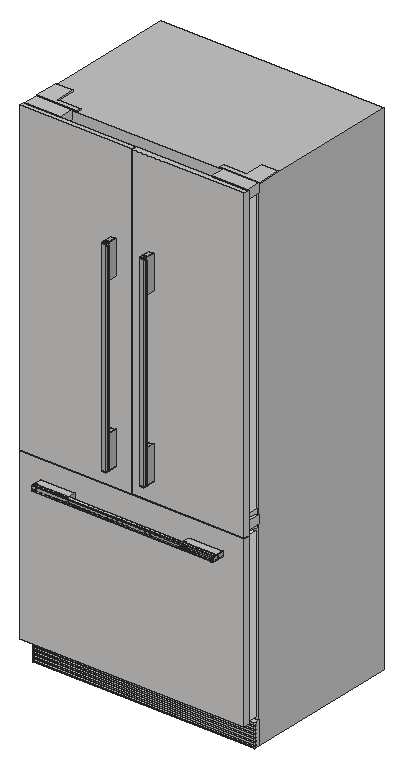
Revit family "FP-Revit20-RS32A72J1-FrenchDoorFridgeFreezer-0-90005076A-NZ-AU-UK-IE-EU-CN-ASIA", category Specialty Equipment, Revit 2020
Family settings
  Round Connector Dimension = Use Diameter
  Part Type = Normal
  OmniClass Number = 23.40.40.11.11.17
  OmniClass Title = Refrigerator-Freezer
  Work Plane-Based = No
  Always vertical = Yes
  Cut with Voids When Loaded = Yes
  Shared = No
  Room Calculation Point = No
Parameters
  Visibility - Visibility Control Note = no
  Visibility - Clearance Required = no
  URL = "www.fisherpaykel.com"
  Stainless Steel Door Panels (RD80A) = yes
  Product - Width = 796 mm  # constant formula
  Product - Height = 1798 mm  # constant formula
  Product - Depth = 604 mm  # constant formula
  Model = "RS32A72J1"
  Material - Trim = Fisher & Paykel - Stainless Steel
  Material - Rollers and Feet = Fisher & Paykel - Black
  Material - Door Structure = Fisher & Paykel - White
  Material - Door Front = Fisher & Paykel - Stainless Steel
  Material - Connections = Fisher & Paykel - Black
  Material - Body = Fisher & Paykel - Grey
  Manufacturer = "Fisher & Paykel Appliances"
  Handle Style - Contemporary Square Fine Black (AHD5RD80AB) = yes
  Handle Style - Contemporary Square Fine (AHD5RD80A) = yes
  Handle Style - Contemporary Square (AHD3RS80A) = yes
  Handle Style - Contemporary Round (AHSRS80A) = yes
  Description = "Integrated French Door Refrigerator Freezer"
  Default Elevation = 0 mm
  Connector Description - Electrical = "115V, 60 Hz, 10 A circuit"
  Chassis - Width = 790 mm  # constant formula
  Chassis - Height = 1788 mm  # constant formula
  Chassis - Depth = 561.4 mm  # constant formula
  Cavity - Width = 804 mm  # constant formula
  Cavity - Height = 1800 mm  # constant formula
  Cavity - Depth = 650 mm  # constant formula
Reference planes
  plane 1 "Center (Front/Back)": y = 0
  plane 2: z = 0
  plane 3 "Center (Left/Right)": x = 0
  plane 4 "Product LHS": x = -398
  plane 5 "Product RHS": x = 398
  plane 6 "Cavity - Depth": y = 650
  plane 7 "Cavity LHS": x = -402
  plane 8 "Cavity RHS": x = 402
  plane 9 "Prouduct - Depth": y = 622
  plane 10 "Product Height": z = 1798
  plane 11 "Cavity Height": z = 1800
  plane 12 "Datum": y = 18
Forms (mm)
  Extrusion 1, solid, material "Fisher & Paykel - Grey" <- "Material - Body"
    sketch origin (0, 0, 0) x (0, 1, 0) y (0, 0, 1)
      loop
        line (68.969, 6.6) -> (622, 6.6) -> (622, 1794.6) -> (68.969, 1794.6) -> (68.969, 6.6)
    from -395 to 395
  Extrusion 2, solid, material "Fisher & Paykel - Clearance Required", visible <- "Visibility - Clearance Required", detail levels coarse
    sketch origin (0, -100, 0) x (1, 0, 0) y (0, 1, 0)
      loop
        line (-394.179, 104.678) -> (-526.6, -188.411) -> (-562.852, -172.032) -> (-569.457, -186.651) -> (-533.205, -203.03) -> (-555.656, -252.723)
        arc (-555.656, -252.723) -> (-181.481, -224.821) -> (-1.993, 104.678) r 392.186
        line (-1.993, 104.678) -> (-394.179, 104.678)
      loop
        line (394.179, 104.678) -> (1.993, 104.678)
        arc (1.993, 104.678) -> (181.481, -224.821) -> (555.656, -252.723) r 392.186
        line (555.656, -252.723) -> (533.205, -203.03) -> (569.457, -186.651) -> (562.852, -172.032) -> (526.6, -188.411) -> (394.179, 104.678)
    from 700.43 to 1800
  Extrusion 3, solid, material "Fisher & Paykel - Black" <- "Material - Rollers and Feet"
    sketch origin (0, 0, -4) x (0, 1, 0) y (0, 0, 1)
      loop
        arc (120.09, 10.6) -> (136.133, 4) -> (152.177, 10.6) r 22.8
        line (152.177, 10.6) -> (120.09, 10.6)
      loop
        arc (555.39, 10.6) -> (571.433, 4) -> (587.477, 10.6) r 22.8
        line (587.477, 10.6) -> (555.39, 10.6)
    from 352 to 379
  Extrusion 4, solid, material "Fisher & Paykel - Clearance Required", visible <- "Visibility - Clearance Required", detail levels coarse
    sketch origin (0, 0, 0) x (0, 1, 0) y (0, 0, 1)
      loop
        line (-0.043, 695.956) -> (-359.921, 695.956) -> (-359.921, 631.801) -> (-401.921, 631.801) -> (-401.921, 615.801) -> (-359.921, 615.801) -> (-359.921, 100.03) -> (-0.043, 100.03) -> (-0.043, 695.956)
    from -402 to 402
  Extrusion 5, solid, material "Fisher & Paykel - White" <- "Material - Door Structure"
    sketch origin (0, 0, 0) x (1, 0, 0) y (0, 0, 1)
      loop
        line (-7.74, 1764.691) -> (-390.5, 1764.691) -> (-390.5, 763.6) -> (-7.74, 763.6) -> (-7.74, 1764.691)
      loop
        line (7.74, 1764.691) -> (7.74, 763.6) -> (390.5, 763.6) -> (390.5, 1764.691) -> (7.74, 1764.691)
      loop
        line (-390.5, 693.1) -> (-390.5, 101.1) -> (390.5, 101.1) -> (390.5, 693.1) -> (-390.5, 693.1)
    from -60.6 to -18
  Extrusion 6, solid, material "Fisher & Paykel - White" <- "Material - Door Structure"
    sketch origin (0, 0, 0) x (1, 0, 0) y (0, 0, 1)
      loop
        line (-379.6, 685.2) -> (-379.6, 109) -> (379.6, 109) -> (379.6, 685.2) -> (-379.6, 685.2)
      loop
        line (-13.88, 776) -> (-13.88, 1749.791) -> (-379.58, 1749.791) -> (-379.58, 776) -> (-13.88, 776)
      loop
        line (13.88, 776) -> (379.58, 776) -> (379.58, 1749.791) -> (13.88, 1749.791) -> (13.88, 776)
    from -68.969 to -60.631
  Extrusion 7, solid, material "Fisher & Paykel - Stainless Steel" <- "Material - Trim"
    sketch origin (0, -2, 0) x (1, 0, 0) y (0, 1, 0)
      loop
        line (-386.5, 70.89) -> (-379.782, 36.328)
        arc (-379.782, 36.328) -> (-378.745, 34.585) -> (-376.837, 33.9) r 3
        line (-376.837, 33.9) -> (-338.733, 33.9)
        arc (-338.733, 33.9) -> (-336.738, 34.034) -> (-334.779, 34.431) r 15
        line (-334.779, 34.431) -> (-265.032, 53.491) -> (265.032, 53.491) -> (334.779, 34.431)
        arc (334.779, 34.431) -> (336.738, 34.034) -> (338.733, 33.9) r 15
        line (338.733, 33.9) -> (376.837, 33.9)
        arc (376.837, 33.9) -> (378.745, 34.585) -> (379.782, 36.328) r 3
        line (379.782, 36.328) -> (386.5, 70.89) -> (-386.5, 70.89)
    from 696.967 to 759.03
  Extrusion 8, solid, material "Fisher & Paykel - Stainless Steel" <- "Material - Trim"
    sketch origin (0, -2, 0) x (0, 1, 0) y (0, 0, 1)
      loop
        line (20, 762.6) -> (20, 715.3) -> (70.89, 715.3) -> (70.89, 743.6) -> (25, 743.6) -> (25, 762.6) -> (20, 762.6)
    from 269 to 395
  Extrusion 9, solid, material "Fisher & Paykel - Stainless Steel" <- "Material - Trim"
    sketch origin (0, -2, 0) x (0, 1, 0) y (0, 0, -1)
      loop
        line (20, -762.6) -> (25, -762.6) -> (25, -743.6) -> (70.89, -743.6) -> (70.89, -715.3) -> (20, -715.3) -> (20, -762.6)
    from 269 to 395
  Extrusion 10, solid, material "Fisher & Paykel - Stainless Steel" <- "Material - Trim"
    sketch origin (0, 0, 0) x (1, 0, 0) y (0, 1, 0)
      loop
        line (-269, 18) -> (-269, 68.89) -> (-395, 68.89) -> (-395, 18) -> (-269, 18)
      loop
        line (395, 18) -> (395, 68.89) -> (269, 68.89) -> (269, 18) -> (395, 18)
    from 1765.6 to 1797.6
  Extrusion 11, solid, material "Fisher & Paykel - Stainless Steel" <- "Material - Trim", detail levels fine
    sketch origin (0, 0, 0) x (1, 0, 0) y (0, 1, 0)
      loop
        line (-395, 154.61) -> (-395, 71.11) -> (-253.45, 71.11) -> (-253.45, 88.11) -> (-336, 88.11) -> (-336, 154.61) -> (-395, 154.61)
      loop
        line (395, 154.61) -> (336, 154.61) -> (336, 88.11) -> (253.45, 88.11) -> (253.45, 71.11) -> (395, 71.11) -> (395, 154.61)
    from 1794.6 to 1798
  Extrusion 12, solid, material "Fisher & Paykel - Black" <- "Material - Rollers and Feet", detail levels fine
    sketch origin (0, 0, -4) x (0, 1, 0) y (0, 0, -1)
      loop
        line (120.09, -10.6) -> (152.177, -10.6)
        arc (152.177, -10.6) -> (136.133, -4) -> (120.09, -10.6) r 22.8
      loop
        line (555.39, -10.6) -> (587.477, -10.6)
        arc (587.477, -10.6) -> (571.433, -4) -> (555.39, -10.6) r 22.8
    from 352 to 379
  Extrusion 13, solid, material "Fisher & Paykel - Stainless Steel" <- "Material - Trim", detail levels fine
    sketch origin (0, -2, 0) x (0, 1, 0) y (0, 0, 1)
      loop
        line (24.91, 101.1) -> (24.91, 94.1) -> (50.15, 94.1) -> (50.15, 101.1) -> (24.91, 101.1)
    from -20.67 to 20.7
  Extrusion 14, solid, material "Fisher & Paykel - Stainless Steel" <- "Material - Trim", detail levels fine
    sketch origin (0, -2, 0) x (0, 1, 0) y (0, 0, 1)
      loop
        line (70.89, 90.613) -> (53.491, 85.951) -> (53.491, 81.639) -> (61.43, 81.639) -> (61.43, 75.465) -> (53.491, 73.338) -> (53.491, 69.031) -> (61.43, 69.031) -> (61.43, 62.857) -> (53.491, 60.73) -> (53.491, 56.423) -> (61.43, 56.423) -> (61.43, 50.254) -> (53.491, 48.127) -> (53.491, 43.821) -> (61.43, 43.821) -> (61.43, 37.652) -> (53.491, 35.525) -> (53.491, 31.218) -> (61.43, 31.218) -> (61.43, 25.049) -> (53.491, 22.922) -> (53.491, 18.585) -> (61.43, 18.585) -> (61.43, 12.447) -> (53.491, 10.32) -> (53.491, 6.6) -> (70.89, 6.6) -> (70.89, 90.613)
    from -395 to 395
  Extrusion 15, solid, material "Fisher & Paykel - Stainless Steel" <- "Material - Trim", detail levels coarse+medium
    sketch origin (0, -2, 0) x (0, 1, 0) y (0, 0, 1)
      loop
        line (70.89, 90.613) -> (53.491, 85.951) -> (53.491, 6.6) -> (70.89, 6.6) -> (70.89, 90.613)
    from -395 to 395
  Extrusion 16, void
    sketch origin (0, -2000, 0) x (1, 0, 0) y (0, 1, 0)
      loop
        line (-336, 2622) -> (-336, 2068.89) -> (336, 2068.89) -> (336, 2622) -> (-336, 2622)
    from 6.6 to 56.423
  Extrusion 17, solid, material "Fisher & Paykel - Stainless Steel" <- "Material - Door Front", visible <- "Stainless Steel Door Panels (RD80A)"
    sketch origin (0, 0, 0) x (1, 0, 0) y (0, 0, 1)
      loop
        line (-398, 696.43) -> (-398, 100.03) -> (398, 100.03) -> (398, 696.43) -> (-398, 696.43)
      loop
        line (-398, 700.43) -> (-2, 700.43) -> (-2, 1796.521) -> (-398, 1796.521) -> (-398, 700.43)
      loop
        line (2, 1796.521) -> (2, 700.43) -> (398, 700.43) -> (398, 1796.521) -> (2, 1796.521)
    from -18 to 0.043
  Extrusion 18, void
    sketch origin (0, -2, 0) x (1, 0, 0) y (0, 1, 0)
      loop
        arc (395, 57.948) -> (393.695, 54.796) -> (390.543, 53.491) r 4.457
        line (390.543, 53.491) -> (395, 53.491) -> (395, 57.948)
      loop
        line (-395, 57.948) -> (-395, 53.491) -> (-390.543, 53.491)
        arc (-390.543, 53.491) -> (-393.695, 54.796) -> (-395, 57.948) r 4.457
    from 6.6 to 100.03
  Extrusion 19, solid, material "Fisher & Paykel - Clearance Required", visible <- "Visibility - Clearance Required", detail levels coarse
    sketch origin (0, 0, 0) x (1, 0, 0) y (0, 1, 0)
      loop
        line (-402, 650) -> (-402, 0) -> (402, 0) -> (402, 650) -> (-402, 650)
    from 0 to 1800
  Extrusion 20, void
    sketch origin (0, 0, 0) x (1, 0, 0) y (0, 0, 1)
      loop
        line (253, 70) -> (253, 200) -> (-22, 200) -> (-22, 70) -> (253, 70)
      loop
        circle (203, 135) r 3
      loop
        circle (28, 135) r 3
    from -622 to -619.953
  Extrusion 21, void
    sketch origin (0, 0, 0) x (1, 0, 0) y (0, 1, 0)
      loop
        line (-402, 650) -> (-402, 0) -> (402, 0) -> (402, 650) -> (-402, 650)
    from 0 to 1800
Cuts and joins
  Extrusion 16, Extrusion 20 cuts Extrusion 1
  Extrusion 18 cuts Extrusion 14
  Extrusion 18 cuts Extrusion 15
  joined: Extrusion 7, Extrusion 8, Extrusion 9
Lines and regions (mm)
  model lines, style "Fisher & Paykel"
    curve 1: line (-398, 18, 1796.521) -> (-2, 18, 1796.521)
    curve 2: line (-398, 18, 700.43) -> (-398, 18, 1796.521)
    curve 3: line (-2, 18, 700.43) -> (-398, 18, 700.43)
    curve 4: line (-2, 18, 1796.521) -> (-2, 18, 700.43)
    curve 5: line (2, 18, 700.43) -> (398, 18, 700.43)
    curve 6: line (2, 18, 1796.521) -> (2, 18, 700.43)
    curve 7: line (398, 18, 1796.521) -> (2, 18, 1796.521)
    curve 8: line (398, 18, 700.43) -> (398, 18, 1796.521)
    curve 9: line (-398, 18, 696.43) -> (398, 18, 696.43)
    curve 10: line (-398, 18, 100.03) -> (-398, 18, 696.43)
    curve 11: line (398, 18, 100.03) -> (-398, 18, 100.03)
    curve 12: line (398, 18, 696.43) -> (398, 18, 100.03)
Text (mm)
  text "Due to ongoing product development, product details are subject to change without notice. \nPlease always refer to www.fisherpaykel.com for the most current product information. \n© Fisher & Paykel 2020" at (41.04, -521.517, 0), in view "Ref. Level (Plan)"
Dimensions and locks
  equal spacing: plane 4 "Product LHS", plane 3 "Center (Left/Right)", plane 5 "Product RHS"
  "Product - Width": plane 4 "Product LHS" to plane 5 "Product RHS"
  "Cavity - Depth": plane 1 "Center (Front/Back)" to plane 6 "Cavity - Depth"
  equal spacing: plane 7 "Cavity LHS", plane 3 "Center (Left/Right)", plane 8 "Cavity RHS"
  "Cavity - Width": plane 7 "Cavity LHS" to plane 8 "Cavity RHS"
  "Product - Height": level to plane 10 "Product Height"
  "Cavity - Height": plane 11 "Cavity Height" to level
  "Chassis - Height": Extrusion 1 to Extrusion 1
  Extrusion 13 to Extrusion 15 = 94.5 mm
  locked: Extrusion 20 to cut or joined group of Extrusion 1, Extrusion 16, Extrusion 20 at 2.047
  locked: plane 1 "Center (Front/Back)" to plane 12 "Datum" at 18
  "Product - Depth": plane 9 "Prouduct - Depth" to plane 12 "Datum"
  equal spacing: cut or joined group of Extrusion 1, Extrusion 16, Extrusion 20, plane 3 "Center (Left/Right)", cut or joined group of Extrusion 1, Extrusion 16, Extrusion 20  (x2)
  "Chassis - Width": cut or joined group of Extrusion 1, Extrusion 16, Extrusion 20 to cut or joined group of Extrusion 1, Extrusion 16, Extrusion 20
  aligned and locked: level to plane 2
  aligned and locked: Extrusion 18 to Extrusion 3
  aligned and locked: cut or joined group of Extrusion 1, Extrusion 16, Extrusion 20 to Extrusion 20
  aligned and locked: Extrusion 19 to level
  aligned and locked: plane 9 "Prouduct - Depth" to Extrusion 1
Automatic sketch dimensions
  plane 1 "Center (Front/Back)" to Extrusion 19 sketch curve = 0 mm
  Extrusion 19 sketch curve to plane 7 "Cavity LHS" = 0 mm
  Extrusion 19 sketch curve to plane 8 "Cavity RHS" = 0 mm
  plane 6 "Cavity - Depth" to Extrusion 19 sketch curve = 0 mm
  plane 1 "Center (Front/Back)" to Extrusion 21 sketch curve = 0 mm
  Extrusion 21 sketch curve to plane 7 "Cavity LHS" = 0 mm
  Extrusion 21 sketch curve to plane 8 "Cavity RHS" = 0 mm
  plane 6 "Cavity - Depth" to Extrusion 21 sketch curve = 0 mm
  Extrusion 1 sketch curve to plane 9 "Prouduct - Depth" = 0 mm
  level to Extrusion 1 sketch curve = 6.6 mm
  Extrusion 1 sketch curve to plane 12 "Datum" = 50.969 mm
  plane 10 "Product Height" to Extrusion 1 sketch curve = 3.4 mm
  level to Extrusion 3 sketch curve = 6.6 mm  (x2)
  Extrusion 3 sketch curve to plane 12 "Datum" = 102.09 mm
  Extrusion 3 sketch curve to Extrusion 3 sketch curve = 16.044 mm  (x2)
  Extrusion 3 sketch curve to plane 9 "Prouduct - Depth" = 66.61 mm
  level to Extrusion 3 sketch curve = 22.8 mm  (x2)
  plane 1 "Center (Front/Back)" to Extrusion 4 sketch curve = 401.921 mm
  Extrusion 4 sketch curve to Extrusion 4 sketch curve = 42 mm
  level to Extrusion 4 sketch curve = 100.03 mm
  plane 1 "Center (Front/Back)" to Extrusion 4 sketch curve = 359.921 mm
  plane 1 "Center (Front/Back)" to Extrusion 4 sketch curve = 0.043 mm
  Extrusion 4 sketch curve to Extrusion 4 sketch curve = 515.771 mm
  Extrusion 4 sketch curve to Extrusion 4 sketch curve = 16 mm
  Extrusion 4 sketch curve to Extrusion 4 sketch curve = 64.155 mm
  Extrusion 5 sketch curve to plane 4 "Product LHS" = 7.5 mm  (x2)
  Extrusion 5 sketch curve to plane 3 "Center (Left/Right)" = 7.74 mm
  plane 3 "Center (Left/Right)" to Extrusion 5 sketch curve = 7.74 mm
  plane 5 "Product RHS" to Extrusion 5 sketch curve = 7.5 mm  (x2)
  level to Extrusion 5 sketch curve = 101.1 mm
  Extrusion 5 sketch curve to Extrusion 5 sketch curve = 592 mm
  Extrusion 5 sketch curve to Extrusion 5 sketch curve = 70.5 mm
  Extrusion 5 sketch curve to Extrusion 5 sketch curve = 0 mm
  plane 10 "Product Height" to Extrusion 5 sketch curve = 33.309 mm  (x2)
  Extrusion 6 sketch curve to plane 4 "Product LHS" = 18.4 mm
  Extrusion 6 sketch curve to plane 4 "Product LHS" = 18.42 mm
  Extrusion 6 sketch curve to plane 3 "Center (Left/Right)" = 13.88 mm
  plane 3 "Center (Left/Right)" to Extrusion 6 sketch curve = 13.88 mm
  plane 5 "Product RHS" to Extrusion 6 sketch curve = 18.42 mm
  plane 5 "Product RHS" to Extrusion 6 sketch curve = 18.4 mm
  level to Extrusion 6 sketch curve = 109 mm
  Extrusion 6 sketch curve to Extrusion 6 sketch curve = 576.2 mm
  Extrusion 6 sketch curve to Extrusion 6 sketch curve = 90.8 mm
  Extrusion 6 sketch curve to Extrusion 6 sketch curve = 0 mm  (x2)
  plane 10 "Product Height" to Extrusion 6 sketch curve = 48.209 mm
  Extrusion 7 sketch curve to plane 4 "Product LHS" = 11.5 mm
  Extrusion 7 sketch curve to plane 4 "Product LHS" = 18.218 mm
  Extrusion 7 sketch curve to Extrusion 7 sketch curve = 2.945 mm  (x2)
  Extrusion 7 sketch curve to plane 12 "Datum" = 13.9 mm
  Extrusion 7 sketch curve to Extrusion 7 sketch curve = 38.104 mm
  Extrusion 7 sketch curve to plane 12 "Datum" = 14.431 mm  (x2)
  Extrusion 7 sketch curve to Extrusion 7 sketch curve = 3.954 mm  (x2)
  Extrusion 7 sketch curve to plane 12 "Datum" = 33.491 mm
  Extrusion 7 sketch curve to Extrusion 7 sketch curve = 69.747 mm
  plane 5 "Product RHS" to Extrusion 7 sketch curve = 132.968 mm
  plane 5 "Product RHS" to Extrusion 7 sketch curve = 63.221 mm
  plane 5 "Product RHS" to Extrusion 7 sketch curve = 21.163 mm
  plane 5 "Product RHS" to Extrusion 7 sketch curve = 11.5 mm
  Extrusion 7 sketch curve to plane 1 "Center (Front/Back)" = 31.9 mm
  Extrusion 7 sketch curve to Extrusion 7 sketch curve = 2.428 mm  (x2)
  Extrusion 7 sketch curve to Extrusion 7 sketch curve = 34.562 mm
  Extrusion 8 sketch curve to plane 12 "Datum" = 0 mm
  Extrusion 8 sketch curve to Extrusion 8 sketch curve = 5 mm
  Extrusion 8 sketch curve to Extrusion 8 sketch curve = 50.89 mm
  level to Extrusion 8 sketch curve = 715.3 mm
  Extrusion 8 sketch curve to Extrusion 8 sketch curve = 28.3 mm
  Extrusion 8 sketch curve to Extrusion 8 sketch curve = 19 mm
  Extrusion 9 sketch curve to plane 12 "Datum" = 0 mm
  Extrusion 9 sketch curve to Extrusion 9 sketch curve = 5 mm
  Extrusion 9 sketch curve to Extrusion 9 sketch curve = 50.89 mm
  level to Extrusion 9 sketch curve = 762.6 mm
  Extrusion 9 sketch curve to Extrusion 9 sketch curve = 19 mm
  Extrusion 9 sketch curve to Extrusion 9 sketch curve = 28.3 mm
  Extrusion 10 sketch curve to plane 4 "Product LHS" = 3 mm
  plane 12 "Datum" to Extrusion 10 sketch curve = 0 mm  (x2)
  Extrusion 10 sketch curve to plane 12 "Datum" = 50.89 mm  (x2)
  Extrusion 10 sketch curve to plane 4 "Product LHS" = 129 mm
  plane 5 "Product RHS" to Extrusion 10 sketch curve = 129 mm
  plane 5 "Product RHS" to Extrusion 10 sketch curve = 3 mm
  Extrusion 11 sketch curve to plane 4 "Product LHS" = 3 mm
  plane 5 "Product RHS" to Extrusion 11 sketch curve = 3 mm
  Extrusion 11 sketch curve to plane 4 "Product LHS" = 62 mm
  Extrusion 11 sketch curve to Extrusion 11 sketch curve = 82.55 mm
  Extrusion 11 sketch curve to plane 12 "Datum" = 53.11 mm  (x2)
  plane 5 "Product RHS" to Extrusion 11 sketch curve = 144.55 mm
  plane 5 "Product RHS" to Extrusion 11 sketch curve = 62 mm
  Extrusion 11 sketch curve to Extrusion 11 sketch curve = 17 mm  (x2)
  Extrusion 11 sketch curve to Extrusion 11 sketch curve = 66.5 mm  (x2)
  level to Extrusion 12 sketch curve = 6.6 mm  (x2)
  Extrusion 12 sketch curve to plane 12 "Datum" = 102.09 mm
  Extrusion 12 sketch curve to Extrusion 12 sketch curve = 16.044 mm  (x2)
  Extrusion 12 sketch curve to plane 9 "Prouduct - Depth" = 66.61 mm
  level to Extrusion 12 sketch curve = 22.8 mm  (x2)
  Extrusion 13 sketch curve to plane 12 "Datum" = 4.91 mm
  Extrusion 13 sketch curve to Extrusion 13 sketch curve = 25.24 mm
  level to Extrusion 13 sketch curve = 94.1 mm
  Extrusion 13 sketch curve to Extrusion 13 sketch curve = 7 mm
  Extrusion 14 sketch curve to plane 12 "Datum" = 33.491 mm  (x3)
  level to Extrusion 14 sketch curve = 6.6 mm
  Extrusion 14 sketch curve to Extrusion 14 sketch curve = 0 mm  (x8)
  Extrusion 14 sketch curve to Extrusion 14 sketch curve = 7.939 mm  (x2)
  Extrusion 14 sketch curve to Extrusion 14 sketch curve = 9.46 mm
  Extrusion 14 sketch curve to Extrusion 14 sketch curve = 3.72 mm
  Extrusion 14 sketch curve to Extrusion 14 sketch curve = 2.127 mm
  Extrusion 14 sketch curve to Extrusion 14 sketch curve = 8.266 mm
  Extrusion 14 sketch curve to Extrusion 14 sketch curve = 4.337 mm
  Extrusion 14 sketch curve to Extrusion 14 sketch curve = 6.464 mm
  Extrusion 14 sketch curve to Extrusion 14 sketch curve = 6.169 mm  (x3)
  Extrusion 14 sketch curve to Extrusion 14 sketch curve = 4.306 mm  (x4)
  Extrusion 14 sketch curve to Extrusion 14 sketch curve = 6.433 mm  (x4)
  Extrusion 14 sketch curve to Extrusion 14 sketch curve = 6.175 mm  (x2)
  Extrusion 14 sketch curve to Extrusion 14 sketch curve = 4.312 mm
  Extrusion 14 sketch curve to Extrusion 14 sketch curve = 8.974 mm
  Extrusion 15 sketch curve to plane 12 "Datum" = 33.491 mm
  level to Extrusion 15 sketch curve = 6.6 mm
  Extrusion 15 sketch curve to Extrusion 15 sketch curve = 17.399 mm
  Extrusion 15 sketch curve to Extrusion 15 sketch curve = 79.351 mm
  Extrusion 15 sketch curve to Extrusion 15 sketch curve = 4.662 mm
  Extrusion 16 sketch curve to plane 9 "Prouduct - Depth" = 0 mm
  Extrusion 16 sketch curve to plane 4 "Product LHS" = 62 mm
  plane 5 "Product RHS" to Extrusion 16 sketch curve = 62 mm
  Extrusion 16 sketch curve to plane 12 "Datum" = 50.89 mm
  plane 4 "Product LHS" to Extrusion 17 sketch curve = 0 mm  (x2)
  plane 5 "Product RHS" to Extrusion 17 sketch curve = 0 mm  (x2)
  Extrusion 17 sketch curve to plane 3 "Center (Left/Right)" = 2 mm
  plane 3 "Center (Left/Right)" to Extrusion 17 sketch curve = 2 mm
  level to Extrusion 17 sketch curve = 100.03 mm
  Extrusion 17 sketch curve to Extrusion 17 sketch curve = 596.4 mm
  Extrusion 17 sketch curve to Extrusion 17 sketch curve = 4 mm
  Extrusion 17 sketch curve to Extrusion 17 sketch curve = 0 mm
  plane 10 "Product Height" to Extrusion 17 sketch curve = 1.479 mm  (x2)
  Extrusion 18 sketch curve to plane 4 "Product LHS" = 3 mm
  plane 5 "Product RHS" to Extrusion 18 sketch curve = 3 mm
  Extrusion 18 sketch curve to plane 4 "Product LHS" = 7.457 mm
  plane 5 "Product RHS" to Extrusion 18 sketch curve = 7.457 mm
  Extrusion 18 sketch curve to plane 12 "Datum" = 33.491 mm  (x2)
  plane 7 "Cavity LHS" to Extrusion 2 sketch curve = 167.457 mm
  Extrusion 2 sketch curve to Extrusion 2 sketch curve = 6.605 mm  (x4)
  Extrusion 2 sketch curve to Extrusion 2 sketch curve = 13.801 mm
  Extrusion 2 sketch curve to Extrusion 2 sketch curve = 36.252 mm  (x2)
  Extrusion 2 sketch curve to plane 4 "Product LHS" = 3.821 mm
  Extrusion 2 sketch curve to Extrusion 2 sketch curve = 0 mm  (x2)
  Extrusion 2 sketch curve to plane 3 "Center (Left/Right)" = 1.993 mm
  plane 5 "Product RHS" to Extrusion 2 sketch curve = 3.821 mm
  Extrusion 2 sketch curve to plane 8 "Cavity RHS" = 124.6 mm
  Extrusion 2 sketch curve to Extrusion 2 sketch curve = 22.452 mm
  plane 1 "Center (Front/Back)" to Extrusion 2 sketch curve = 352.723 mm  (x2)
  plane 3 "Center (Left/Right)" to Extrusion 2 sketch curve = 1.993 mm
  Extrusion 20 sketch curve to plane 3 "Center (Left/Right)" = 22 mm
  plane 3 "Center (Left/Right)" to Extrusion 20 sketch curve = 28 mm
  Extrusion 20 sketch curve to Extrusion 20 sketch curve = 175 mm
  Extrusion 20 sketch curve to Extrusion 20 sketch curve = 50 mm
  Extrusion 20 sketch curve to Extrusion 20 sketch curve = 65 mm  (x3)
  level to Extrusion 20 sketch curve = 70 mm
  plane 4 "Product LHS" to curve 1 = 0 mm
  plane 5 "Product RHS" to curve 8 = 0 mm
  plane 4 "Product LHS" to curve 9 = 0 mm
  plane 5 "Product RHS" to curve 9 = 0 mm
  plane 10 "Product Height" to curve 1 = 1.479 mm
  plane 10 "Product Height" to curve 8 = 1.479 mm
  level to curve 5 = 700.43 mm
  curve 4 to plane 3 "Center (Left/Right)" = 2 mm
  curve 4 to curve 5 = 0 mm
  curve 2 to curve 9 = 4 mm
  level to curve 11 = 100.03 mm
  plane 3 "Center (Left/Right)" to curve 7 = 2 mm
  radius of Extrusion 20 sketch curve = 3 mm  (x2)
Nested families
  nested 1: "Comment Marker 2D" at (0, -117.219, 0), visible <- "Visibility - Visibility Control Note", type "Active"
  nested 2: "F&P Handle Kit - Contemporary Round - Horizontal" at (0, -0.043, 623.802), visible <- "Handle Style - Contemporary Round (AHSRS80A)", type "AHSRS80A - Contemporary round handle (2 of 2) (Horizontal) 646mm"
  nested 3: "F&P Handle Kit - Contemporary Round - Vertical" at (-67.3, -0.043, 1128.5), visible <- "Handle Style - Contemporary Round (AHSRS80A)", type "AHSRS80A - Contemporary round handle (1 of 2) (Vertical) 727mm"
  nested 4: "F&P Handle Kit - Contemporary Square - Horizontal" at (0, -0.043, 623.802), visible <- "Handle Style - Contemporary Square (AHD3RS80A)", type "AHD3RS80A - Contemporary square handle (2 of 2) (Horizontal) 646mm"
  nested 5: "F&P Handle Kit - Contemporary Square - Vertical" at (-67.3, -0.043, 1128.5), visible <- "Handle Style - Contemporary Square (AHD3RS80A)", type "AHD3RS80A - Contemporary square handle (1 of 2) (Vertical) 727mm"
  nested 6: "F&P Handle Kit - Contemporary Square - Vertical" at (67.3, -0.043, 1128.5), visible <- "Handle Style - Contemporary Square (AHD3RS80A)", type "AHD3RS80A - Contemporary square handle (1 of 2) (Vertical) 727mm"
  nested 7: "F&P Handle Kit - Contemporary Round - Vertical" at (67.3, -0.043, 1128.5), visible <- "Handle Style - Contemporary Round (AHSRS80A)", type "AHSRS80A - Contemporary round handle (1 of 2) (Vertical) 727mm"
  nested 8: "F&P Handle Kit - Contemporary Square Fine - Horizontal" at (0, -0.043, 623.802), visible <- "Handle Style - Contemporary Square Fine (AHD5RD80A)", type "AHD5RD80A - Contemporary square fine handle (2 of 2) (Horizontal) 646mm"
  nested 9: "F&P Handle Kit - Contemporary Square Fine - Vertical" at (-67.3, -0.043, 1128.5), visible <- "Handle Style - Contemporary Square Fine (AHD5RD80A)", type "AHD5RD80A - Contemporary square fine handle (1 of 2) (Vertical) 727mm"
  nested 10: "F&P Handle Kit - Contemporary Square Fine - Vertical" at (67.3, -0.043, 1128.5), visible <- "Handle Style - Contemporary Square Fine (AHD5RD80A)", type "AHD5RD80A - Contemporary square fine handle (1 of 2) (Vertical) 727mm"
  nested 11: "F&P Handle Kit - Contemporary Square Fine - Horizontal" at (0, -0.043, 623.802), visible <- "Handle Style - Contemporary Square Fine Black (AHD5RD80AB)", type "AHD5RD80AB - Contemporary square fine black handle (2 of 2) (Horizontal) 646mm"
  nested 12: "F&P Handle Kit - Contemporary Square Fine - Vertical" at (-67.3, -0.043, 1128.5), visible <- "Handle Style - Contemporary Square Fine Black (AHD5RD80AB)", type "AHD5RD80AB - Contemporary square fine black handle (1 of 2) (Vertical) 727mm"
  nested 13: "F&P Handle Kit - Contemporary Square Fine - Vertical" at (67.3, -0.043, 1128.5), visible <- "Handle Style - Contemporary Square Fine Black (AHD5RD80AB)", type "AHD5RD80AB - Contemporary square fine black handle (1 of 2) (Vertical) 727mm"
Connectors
  electrical at (28, 622, 135), driven by "Connector Description - Electrical"
    settings: on cut or joined group of Extrusion 1, Extrusion 16, Extrusion 20, index 2, voltage 230 V, apparent load 0 VA, apparent load phase1 0 VA, apparent load phase2 0 VA, apparent load phase3 0 VA, power factor 1, load classification "Other", number of poles 1, system type 30, power factor state 1, is connector primary yes, connector utility no, sub classification motor no, connector description "115V, 60 Hz, 10 A circuit"
Definition of nested family "F&P Handle Kit - Contemporary Round - Horizontal"
  Parameters (values of type "25374 AHS-ASBI-A - Contemporary round handle (2 of 2) (Horizontal) 746mm")
    URL = "www.fisherpaykel.com"
    Product - Width = 746 mm
    Model = ""
    Material - Handle = none
    Manufacturer = "Fisher & Paykel Appliances"
    Description = "Kit for RS36"
    Default Elevation = 0 mm
  Types (9, lengths in mm): name | Product - Width | Description
    (no name) | 746 | "Kit for RS36"
    AHSRD2484W - Contemporary round handle (2 of 2) (Horizontal) 494mm | 494 | ""
    AHSRD3084W - Contemporary round handle (2 of 2) (Horizontal) 646mm | 646 | ""
    AHSRS3272A - Contemporary round handle (2 of 2) (Horizontal) 646mm | 646 | ""
    AHSRS80A - Contemporary round handle (2 of 2) (Horizontal) 646mm | 646 | ""
    AHSRD6121W - Contemporary round handle (2 of 2) (Horizontal) 494mm | 494 | ""
    AHSRD7621W - Contemporary round handle (2 of 2) (Horizontal) 646mm | 646 | ""
    25374 AHS-ASBI-A - Contemporary round handle (2 of 2) (Horizontal) 746mm | 746 | "Kit for RS36"
    25329 AHS-ASBI-A - Contemporary round handle (2 of 2) (Horizontal) 746mm | 746 | "Kit for RS90"
  Reference planes
    plane 1 "Center (Front/Back)": y = 0
    plane 2: z = 0
    plane 3 "Center (Left/Right)": x = 0
    plane 4 "Product LHS": x = -373
    plane 5 "Product RHS": x = 373
    plane 6 "LHS Standoff": x = -252.995
    plane 7 "RHS Standoff": x = 253.005
  Forms (mm)
    Extrusion 1, solid, material <- "Material - Handle"
      sketch origin (0, 0, 0) x (0, 1, 0) y (0, 0, 1)
        loop
          circle (-32.3, 0) r 8.7
      from -252.995 to 253.005
    Extrusion 2, solid, material <- "Material - Handle", detail levels fine
      sketch origin (0, 0, 0) x (0, 1, 0) y (0, 0, 1)
        loop
          line (0, 8.7) -> (-32.3, 8.7)
          arc (-32.3, 8.7) -> (-41, 0) -> (-32.3, -8.7) r 8.7
          line (-32.3, -8.7) -> (0, -8.7) -> (0, 8.7)
      from 253.005 to 373
    Extrusion 3, solid, material <- "Material - Handle", detail levels fine
      sketch origin (0, 0, 0) x (0, 1, 0) y (0, 0, -1)
        loop
          line (0, -8.7) -> (0, 8.7) -> (-32.3, 8.7)
          arc (-32.3, 8.7) -> (-41, 0) -> (-32.3, -8.7) r 8.7
          line (-32.3, -8.7) -> (0, -8.7)
      from 252.995 to 373
    Sweep 4, void
      path in 3D
        loop
          line (373, 0, 8.7) -> (373, -32.3, 8.7)
          arc (373, -32.3, 8.7) -> (373, -41, 0) -> (373, -32.3, -8.7) r 8.7
          line (373, -32.3, -8.7) -> (373, 0, -8.7)
      profile origin (373, -16.15, 8.7) x (1, 0, 0) y (0, 0, 1)
        loop
          line (0, 0) -> (-1, 0) -> (0, -1) -> (0, 0)
    Sweep 5, void
      path in 3D
        loop
          line (-373, 0, -8.7) -> (-373, -32.3, -8.7)
          arc (-373, -32.3, -8.7) -> (-373, -41, 0) -> (-373, -32.3, 8.7) r 8.7
          line (-373, -32.3, 8.7) -> (-373, 0, 8.7)
      profile origin (-373, -16.15, 8.7) x (-1, 0, 0) y (0, 0, 1)
        loop
          line (0, 0) -> (-1, 0) -> (0, -1) -> (0, 0)
    Extrusion 6, solid, material <- "Material - Handle", detail levels coarse+medium
      sketch origin (0, 0, 0) x (0, 1, 0) y (0, 0, 1)
        loop
          line (0, 8.7) -> (-32.3, 8.7)
          arc (-32.3, 8.7) -> (-41, 0) -> (-32.3, -8.7) r 8.7
          line (-32.3, -8.7) -> (0, -8.7) -> (0, 8.7)
      from 253.005 to 373
    Extrusion 7, solid, material <- "Material - Handle", detail levels coarse+medium
      sketch origin (0, 0, 0) x (0, 1, 0) y (0, 0, -1)
        loop
          line (0, -8.7) -> (0, 8.7) -> (-32.3, 8.7)
          arc (-32.3, 8.7) -> (-41, 0) -> (-32.3, -8.7) r 8.7
          line (-32.3, -8.7) -> (0, -8.7)
      from 252.995 to 373
  Cuts and joins
    Sweep 4 cuts Extrusion 2
    Sweep 5 cuts Extrusion 3
  Lines and regions (mm)
    sketch lines
      curve 1: line (373, 0, 8.7) -> (373, -32.3, 8.7)
      curve 2: arc (373, -32.3, -8.7) -> (373, -41, 0) -> (373, -32.3, 8.7) r 8.7
      curve 3: line (373, -32.3, -8.7) -> (373, 0, -8.7)
      curve 4: line (-373, -32.3, 8.7) -> (-373, 0, 8.7)
      curve 5: arc (-373, -32.3, 8.7) -> (-373, -41, 0) -> (-373, -32.3, -8.7) r 8.7
      curve 6: line (-373, 0, -8.7) -> (-373, -32.3, -8.7)
  Dimensions and locks
    equal spacing: plane 4 "Product LHS", plane 3 "Center (Left/Right)", plane 5 "Product RHS"
    "Product - Width": plane 4 "Product LHS" to plane 5 "Product RHS"
    locked: plane 4 "Product LHS" to plane 6 "LHS Standoff" at 120.005
    locked: plane 7 "RHS Standoff" to plane 5 "Product RHS" at 119.995
    equal spacing: Extrusion 2 sketch curve, level, Extrusion 2 sketch curve
    Extrusion 3 sketch curve to Extrusion 3 sketch curve = 17.4 mm
    Extrusion 6 sketch curve to Extrusion 6 sketch curve = 17.4 mm
    Extrusion 7 sketch curve to Extrusion 7 sketch curve = 17.4 mm
    aligned and locked: level to plane 2
    aligned and locked: plane 7 "RHS Standoff" to Extrusion 1
    aligned and locked: Extrusion 2 to Extrusion 1
    aligned and locked: Extrusion 2 to plane 5 "Product RHS"
    aligned and locked: plane 4 "Product LHS" to Extrusion 3
    aligned and locked: plane 6 "LHS Standoff" to Extrusion 3
    aligned and locked: Extrusion 1 to plane 6 "LHS Standoff"
    aligned and locked: Extrusion 6 to Extrusion 1
    aligned and locked: Extrusion 6 to plane 5 "Product RHS"
    aligned and locked: plane 4 "Product LHS" to Extrusion 7
    aligned and locked: Extrusion 7 to Extrusion 1
  Automatic sketch dimensions
    Extrusion 1 sketch curve to level = 0 mm
    plane 1 "Center (Front/Back)" to Extrusion 1 sketch curve = 32.3 mm
    Extrusion 2 sketch curve to plane 1 "Center (Front/Back)" = 0 mm
    Extrusion 2 sketch curve to level = 8.7 mm
    plane 1 "Center (Front/Back)" to Extrusion 2 sketch curve = 32.3 mm
    Extrusion 3 sketch curve to level = 0 mm
    Extrusion 3 sketch curve to plane 1 "Center (Front/Back)" = 0 mm
    Extrusion 3 sketch curve to level = 8.7 mm
    plane 1 "Center (Front/Back)" to Extrusion 3 sketch curve = 32.3 mm
    Sweep 4 sketch curve to profile plane = 0 mm
    profile plane to Sweep 4 sketch curve = 0 mm
    profile plane to Sweep 4 sketch curve = 1 mm
    Sweep 4 sketch curve to profile plane = 1 mm
    Sweep 5 sketch curve to profile plane = 0 mm  (x2)
    profile plane to Sweep 5 sketch curve = 1 mm
    Sweep 5 sketch curve to profile plane = 1 mm
    Extrusion 6 sketch curve to level = 0 mm
    level to Extrusion 6 sketch curve = 8.7 mm
    plane 1 "Center (Front/Back)" to Extrusion 6 sketch curve = 32.3 mm
    Extrusion 6 sketch curve to Extrusion 6 sketch curve = 32.3 mm
    Extrusion 7 sketch curve to level = 0 mm
    level to Extrusion 7 sketch curve = 8.7 mm
    plane 1 "Center (Front/Back)" to Extrusion 7 sketch curve = 32.3 mm
    Extrusion 7 sketch curve to Extrusion 7 sketch curve = 32.3 mm
    radius of Extrusion 1 sketch curve = 8.7 mm
Definition of nested family "F&P Handle Kit - Contemporary Round - Vertical"
  Parameters (values of type "25374 AHS-ASBI-A - Contemporary round handle (1 of 2) (Vertical) 727mm")
    URL = "www.fisherpaykel.com"
    Material - Handle = none
    Manufacturer = "Fisher & Paykel Appliances"
    Handle - Length = 727 mm
    Description = "Kit for RS36"
    Default Elevation = 0 mm
  Types (10, lengths in mm): name | Handle - Length | Description
    AHS-RD21 - Contemporary round handle (Vertical) 852mm | 852 | ""
    AHSRD2484W - Contemporary round handle (1 of 2) (Vertical) 727mm | 727 | ""
    AHSRD3084W - Contemporary round handle (1 of 2) (Vertical) 727mm | 727 | ""
    AHS-RD84 - Contemporary round handle (Vertical) 852mm | 852 | ""
    AHSRS3272A - Contemporary round handle (1 of 2) (Vertical) 727mm | 727 | ""
    AHSRS80A - Contemporary round handle (1 of 2) (Vertical) 727mm | 727 | ""
    AHSRD6121W - Contemporary round handle (1 of 2) (Vertical) 727mm | 727 | ""
    AHSRD7621W - Contemporary round handle (1 of 2) (Vertical) 727mm | 727 | ""
    25329 AHS-ASBI-A - Contemporary round handle (1 of 2) (Vertical) 727mm | 727 | "Kit for RS90"
    25374 AHS-ASBI-A - Contemporary round handle (1 of 2) (Vertical) 727mm | 727 | "Kit for RS36"
  Reference planes
    plane 1 "Center (Front/Back)": y = 0
    plane 2: z = 0
    plane 3 "Center (Left/Right)": x = 0
    plane 4 "Top": z = 363.5
    plane 5 "Bottom": z = -363.5
    plane 6 "Top Standoff": z = 243.5
    plane 7 "Bottom Standoff": z = -243.5
  Forms (mm)
    Extrusion 1, solid, material <- "Material - Handle"
      sketch origin (0, 0, 0) x (1, 0, 0) y (0, 1, 0)
        loop
          circle (0, -32.3) r 8.7
      from -243.5 to 243.5
    Extrusion 2, solid, material <- "Material - Handle", detail levels fine
      sketch origin (0, 0, 0) x (1, 0, 0) y (0, 1, 0)
        loop
          line (-8.7, 0) -> (-8.7, -32.3)
          arc (-8.7, -32.3) -> (0, -41) -> (8.7, -32.3) r 8.7
          line (8.7, -32.3) -> (8.7, 0) -> (-8.7, 0)
      from 243.5 to 363.5
    Extrusion 3, solid, material <- "Material - Handle", detail levels fine
      sketch origin (0, 0, 0) x (1, 0, 0) y (0, 1, 0)
        loop
          line (-8.7, 0) -> (-8.7, -32.3)
          arc (-8.7, -32.3) -> (0, -41) -> (8.7, -32.3) r 8.7
          line (8.7, -32.3) -> (8.7, 0) -> (-8.7, 0)
      from -363.5 to -243.5
    Sweep 4, void
      path in 3D
        loop
          line (8.7, 0, -363.5) -> (8.7, -32.3, -363.5)
          arc (8.7, -32.3, -363.5) -> (0, -41, -363.5) -> (-8.7, -32.3, -363.5) r 8.7
          line (-8.7, -32.3, -363.5) -> (-8.7, 0, -363.5)
      profile origin (8.7, -16.15, -363.5) x (-1, 0, 0) y (0, 0, -1)
        loop
          line (0, 0) -> (0, -1) -> (1, 0) -> (0, 0)
    Sweep 5, void
      path in 3D
        loop
          line (-8.7, 0, 363.5) -> (-8.7, -32.3, 363.5)
          arc (-8.7, -32.3, 363.5) -> (0, -41, 363.5) -> (8.7, -32.3, 363.5) r 8.7
          line (8.7, -32.3, 363.5) -> (8.7, 0, 363.5)
      profile origin (8.7, -16.15, 363.5) x (-1, 0, 0) y (0, 0, 1)
        loop
          line (0, 0) -> (0, -1) -> (1, 0) -> (0, 0)
    Extrusion 6, solid, material <- "Material - Handle", detail levels coarse+medium
      sketch origin (0, 0, 0) x (1, 0, 0) y (0, 1, 0)
        loop
          line (-8.7, 0) -> (-8.7, -32.3)
          arc (-8.7, -32.3) -> (0, -41) -> (8.7, -32.3) r 8.7
          line (8.7, -32.3) -> (8.7, 0) -> (-8.7, 0)
      from 243.5 to 363.5
    Extrusion 7, solid, material <- "Material - Handle", detail levels coarse+medium
      sketch origin (0, 0, 0) x (1, 0, 0) y (0, 1, 0)
        loop
          line (-8.7, 0) -> (-8.7, -32.3)
          arc (-8.7, -32.3) -> (0, -41) -> (8.7, -32.3) r 8.7
          line (8.7, -32.3) -> (8.7, 0) -> (-8.7, 0)
      from -363.5 to -243.5
  Cuts and joins
    Sweep 4 cuts Extrusion 3
    Sweep 5 cuts Extrusion 2
  Lines and regions (mm)
    sketch lines
      curve 1: line (8.7, 0, -363.5) -> (8.7, -32.3, -363.5)
      curve 2: arc (-8.7, -32.3, -363.5) -> (0, -41, -363.5) -> (8.7, -32.3, -363.5) r 8.7
      curve 3: line (-8.7, -32.3, -363.5) -> (-8.7, 0, -363.5)
      curve 4: line (8.7, -32.3, 363.5) -> (8.7, 0, 363.5)
      curve 5: arc (8.7, -32.3, 363.5) -> (0, -41, 363.5) -> (-8.7, -32.3, 363.5) r 8.7
      curve 6: line (-8.7, 0, 363.5) -> (-8.7, -32.3, 363.5)
  Dimensions and locks
    equal spacing: plane 4 "Top", level, plane 5 "Bottom"
    "Handle - Length": plane 4 "Top" to plane 5 "Bottom"
    locked: plane 4 "Top" to plane 6 "Top Standoff" at 120
    locked: plane 7 "Bottom Standoff" to plane 5 "Bottom" at 120
    Extrusion 2 sketch curve to Extrusion 2 sketch curve = 17.4 mm
    Extrusion 3 sketch curve to Extrusion 3 sketch curve = 17.4 mm
    Extrusion 6 sketch curve to Extrusion 6 sketch curve = 17.4 mm
    Extrusion 7 sketch curve to Extrusion 7 sketch curve = 17.4 mm
    aligned and locked: level to plane 2
    aligned and locked: plane 4 "Top" to Extrusion 2
    aligned and locked: Extrusion 3 to plane 5 "Bottom"
    aligned and locked: plane 7 "Bottom Standoff" to Extrusion 3
    aligned and locked: Extrusion 1 to plane 7 "Bottom Standoff"
    aligned and locked: plane 6 "Top Standoff" to Extrusion 1
    aligned and locked: Extrusion 2 to Extrusion 1
    aligned and locked: Extrusion 6 to Extrusion 1
    aligned and locked: plane 4 "Top" to Extrusion 6
    aligned and locked: Extrusion 7 to Extrusion 1
    aligned and locked: Extrusion 7 to plane 5 "Bottom"
  Automatic sketch dimensions
    Extrusion 1 sketch curve to plane 3 "Center (Left/Right)" = 0 mm
    plane 1 "Center (Front/Back)" to Extrusion 1 sketch curve = 32.3 mm
    plane 1 "Center (Front/Back)" to Extrusion 2 sketch curve = 0 mm
    Extrusion 2 sketch curve to plane 3 "Center (Left/Right)" = 0 mm
    Extrusion 2 sketch curve to plane 3 "Center (Left/Right)" = 8.7 mm
    plane 1 "Center (Front/Back)" to Extrusion 2 sketch curve = 32.3 mm
    plane 1 "Center (Front/Back)" to Extrusion 3 sketch curve = 0 mm
    Extrusion 3 sketch curve to plane 3 "Center (Left/Right)" = 0 mm
    Extrusion 3 sketch curve to plane 3 "Center (Left/Right)" = 8.7 mm
    plane 1 "Center (Front/Back)" to Extrusion 3 sketch curve = 32.3 mm
    Sweep 4 sketch curve to profile plane = 0 mm  (x2)
    Sweep 4 sketch curve to profile plane = 1 mm  (x2)
    Sweep 5 sketch curve to profile plane = 0 mm  (x2)
    Sweep 5 sketch curve to profile plane = 1 mm  (x2)
    Extrusion 6 sketch curve to plane 3 "Center (Left/Right)" = 0 mm
    Extrusion 6 sketch curve to plane 3 "Center (Left/Right)" = 8.7 mm
    plane 1 "Center (Front/Back)" to Extrusion 6 sketch curve = 32.3 mm
    Extrusion 6 sketch curve to Extrusion 6 sketch curve = 32.3 mm
    Extrusion 7 sketch curve to plane 3 "Center (Left/Right)" = 0 mm
    Extrusion 7 sketch curve to plane 3 "Center (Left/Right)" = 8.7 mm
    plane 1 "Center (Front/Back)" to Extrusion 7 sketch curve = 32.3 mm
    Extrusion 7 sketch curve to Extrusion 7 sketch curve = 32.3 mm
    radius of Extrusion 1 sketch curve = 8.7 mm
Definition of nested family "F&P Handle Kit - Contemporary Square - Horizontal"
  Parameters (values of type "RS90A - Contemporary square handle (2 of 2) (Horizontal) 746mm")
    URL = "www.fisherpaykel.com"
    Material - Handle = none
    Manufacturer = "Fisher & Paykel Appliances"
    Handle - Length = 746 mm
    Default Elevation = 0 mm
  Types (9, lengths in mm): name | Handle - Length
    (no name) | 746
    AHD3RD2484W - Contemporary square handle (2 of 2) (Horizontal) 494mm | 494
    AHD3RD3084W - Contemporary square handle (2 of 2) (Horizontal) 646mm | 646
    AHD3RS3272A - Contemporary square handle (2 of 2) (Horizontal) 646mm | 646
    AHD3RS80A - Contemporary square handle (2 of 2) (Horizontal) 646mm | 646
    AHD3RD6121W - Contemporary square handle (2 of 2) (Horizontal) 494mm | 494
    AHD3RD7621W - Contemporary square handle (2 of 2) (Horizontal) 646mm | 646
    RS36A - Contemporary square handle (2 of 2) (Horizontal) 746mm | 746
    RS90A - Contemporary square handle (2 of 2) (Horizontal) 746mm | 746
  Reference planes
    plane 1 "Center (Front/Back)": y = 0
    plane 2: z = 0
    plane 3 "Center (Left/Right)": x = 0
    plane 4 "Product LHS": x = -373
    plane 5 "Product RHS": x = 373
    plane 6 "LHS Standoff": x = -252.995
    plane 7 "RHS Standoff": x = 253.005
  Forms (mm)
    Extrusion 1, solid, material <- "Material - Handle", detail levels fine
      sketch origin (0, 0, 0) x (0, 1, 0) y (0, 0, 1)
        loop
          arc (-28.701, 7.561) -> (-29.057, 7.868) -> (-29.514, 7.978) r 1
          line (-29.514, 7.978) -> (-40.5, 7.978)
          arc (-40.5, 7.978) -> (-41.561, 7.539) -> (-42, 6.478) r 1.5
          line (-42, 6.478) -> (-42, -6.522)
          arc (-42, -6.522) -> (-41.561, -7.583) -> (-40.5, -8.022) r 1.5
          line (-40.5, -8.022) -> (-29.487, -8.022)
          arc (-29.487, -8.022) -> (-29.029, -7.911) -> (-28.673, -7.602) r 1
          arc (-28.673, -7.602) -> (-26.256, -0.016) -> (-28.701, 7.561) r 13.038
      from -373 to 373
    Extrusion 2, solid, material <- "Material - Handle", detail levels fine
      sketch origin (0, 0, 0) x (0, 1, 0) y (0, 0, 1)
        loop
          arc (-28.23, 7.062) -> (-26.156, 0.008) -> (-28.198, -7.056) r 13.136
          arc (-28.198, -7.056) -> (-28.21, -7.463) -> (-27.86, -7.67) r 0.4
          line (-27.86, -7.67) -> (0, -7.67) -> (0, 7.678) -> (-27.893, 7.678)
          arc (-27.893, 7.678) -> (-28.244, 7.47) -> (-28.23, 7.062) r 0.4
      from 253.005 to 373
    Extrusion 3, solid, material <- "Material - Handle", detail levels fine
      sketch origin (0, 0, 0) x (0, 1, 0) y (0, 0, -1)
        loop
          arc (-28.23, -7.062) -> (-28.244, -7.47) -> (-27.893, -7.678) r 0.4
          line (-27.893, -7.678) -> (0, -7.678) -> (0, 7.67) -> (-27.86, 7.67)
          arc (-27.86, 7.67) -> (-28.21, 7.463) -> (-28.198, 7.056) r 0.4
          arc (-28.198, 7.056) -> (-26.156, -0.008) -> (-28.23, -7.062) r 13.136
      from 252.995 to 373
    Sweep 4, void
      path in 3D
        loop
          line (373, -29.514, 7.978) -> (373, -40.5, 7.978)
          arc (373, -40.5, 7.978) -> (373, -41.561, 7.539) -> (373, -42, 6.478) r 1.5
          line (373, -42, 6.478) -> (373, -42, -6.522)
          arc (373, -42, -6.522) -> (373, -41.561, -7.583) -> (373, -40.5, -8.022) r 1.5
          line (373, -40.5, -8.022) -> (373, -29.487, -8.022)
      profile origin (373, -35.007, 7.978) x (1, 0, 0) y (0, 0, 1)
        loop
          line (0, 0) -> (-1.3, 0) -> (0, -1.3) -> (0, 0)
    Sweep 5, void
      path in 3D
        loop
          line (-373, -29.487, -8.022) -> (-373, -40.5, -8.022)
          arc (-373, -40.5, -8.022) -> (-373, -41.561, -7.583) -> (-373, -42, -6.522) r 1.5
          line (-373, -42, -6.522) -> (-373, -42, 6.478)
          arc (-373, -42, 6.478) -> (-373, -41.561, 7.539) -> (-373, -40.5, 7.978) r 1.5
          line (-373, -40.5, 7.978) -> (-373, -29.514, 7.978)
      profile origin (-373, -35.007, 7.978) x (-1, 0, 0) y (0, 0, 1)
        loop
          line (0, 0) -> (-1.3, 0) -> (0, -1.3) -> (0, 0)
    Extrusion 6, void
      sketch origin (0, 0, 0) x (1, 0, 0) y (0, 0, 1)
        loop
          line (373, 7.978) -> (371.7, 7.978) -> (373, 6.678) -> (373, 7.978)
        loop
          line (373, -8.022) -> (373, -6.722) -> (371.7, -8.022) -> (373, -8.022)
      from 0 to 40
    Extrusion 7, void
      sketch origin (0, 0, 0) x (1, 0, 0) y (0, 0, 1)
        loop
          line (-373, 7.978) -> (-373, 6.678) -> (-371.7, 7.978) -> (-373, 7.978)
        loop
          line (-373, -8.022) -> (-371.7, -8.022) -> (-373, -6.722) -> (-373, -8.022)
      from 0 to 40
    Extrusion 8, solid, material <- "Material - Handle", detail levels coarse+medium
      sketch origin (0, 0, 0) x (1, 0, 0) y (0, 1, 0)
        loop
          line (-373, -42) -> (373, -42) -> (373, 0) -> (253.005, 0) -> (253.005, -26.156) -> (-252.995, -26.156) -> (-252.995, 0) -> (-373, 0) -> (-373, -42)
      from -8.022 to 7.978
  Cuts and joins
    Sweep 4, Sweep 5, Extrusion 6, Extrusion 7 cuts Extrusion 1
    Extrusion 6 cuts Extrusion 2
    Extrusion 7 cuts Extrusion 3
  Lines and regions (mm)
    sketch lines
      curve 1: line (373, -29.514, 7.978) -> (373, -40.5, 7.978)
      curve 2: arc (373, -42, 6.478) -> (373, -41.561, 7.539) -> (373, -40.5, 7.978) r 1.5
      curve 3: line (373, -42, 6.478) -> (373, -42, -6.522)
      curve 4: arc (373, -40.5, -8.022) -> (373, -41.561, -7.583) -> (373, -42, -6.522) r 1.5
      curve 5: line (373, -40.5, -8.022) -> (373, -29.487, -8.022)
      curve 6: line (-373, -40.5, 7.978) -> (-373, -29.514, 7.978)
      curve 7: arc (-373, -40.5, 7.978) -> (-373, -41.561, 7.539) -> (-373, -42, 6.478) r 1.5
      curve 8: line (-373, -42, -6.522) -> (-373, -42, 6.478)
      curve 9: arc (-373, -42, -6.522) -> (-373, -41.561, -7.583) -> (-373, -40.5, -8.022) r 1.5
      curve 10: line (-373, -29.487, -8.022) -> (-373, -40.5, -8.022)
  Dimensions and locks
    equal spacing: plane 4 "Product LHS", plane 3 "Center (Left/Right)", plane 5 "Product RHS"
    "Handle - Length": plane 4 "Product LHS" to plane 5 "Product RHS"
    locked: plane 4 "Product LHS" to plane 6 "LHS Standoff" at 120.005
    locked: plane 7 "RHS Standoff" to plane 5 "Product RHS" at 119.995
    aligned and locked: level to plane 2
    aligned and locked: Extrusion 1 to plane 5 "Product RHS"
    aligned and locked: plane 4 "Product LHS" to Extrusion 1
    aligned and locked: Extrusion 2 to plane 5 "Product RHS"
    aligned and locked: plane 4 "Product LHS" to Extrusion 3
    aligned and locked: plane 4 "Product LHS" to Extrusion 8 sketch curve
    aligned and locked: Extrusion 8 sketch curve to plane 5 "Product RHS"
    aligned and locked: Extrusion 8 sketch curve to plane 7 "RHS Standoff"
    aligned and locked: plane 6 "LHS Standoff" to Extrusion 8 sketch curve
    aligned and locked: Extrusion 2 to plane 7 "RHS Standoff"
    aligned and locked: plane 6 "LHS Standoff" to Extrusion 3
  Automatic sketch dimensions
    Extrusion 1 sketch curve to level = 6.522 mm
    plane 1 "Center (Front/Back)" to Extrusion 1 sketch curve = 42 mm
    Extrusion 1 sketch curve to Extrusion 1 sketch curve = 1.5 mm  (x2)
    Extrusion 1 sketch curve to level = 0.04 mm
    Extrusion 1 sketch curve to Extrusion 1 sketch curve = 1.206 mm
    level to Extrusion 1 sketch curve = 6.978 mm
    Extrusion 1 sketch curve to Extrusion 1 sketch curve = 10.986 mm
    Extrusion 1 sketch curve to Extrusion 1 sketch curve = 11.013 mm
    Extrusion 1 sketch curve to Extrusion 1 sketch curve = 1 mm
    level to Extrusion 1 sketch curve = 6.478 mm
    Extrusion 1 sketch curve to Extrusion 1 sketch curve = 0 mm
    Extrusion 2 sketch curve to plane 1 "Center (Front/Back)" = 0 mm
    Extrusion 2 sketch curve to level = 7.67 mm
    Extrusion 2 sketch curve to Extrusion 2 sketch curve = 27.86 mm
    level to Extrusion 2 sketch curve = 7.678 mm
    Extrusion 2 sketch curve to Extrusion 2 sketch curve = 0.033 mm
    Extrusion 2 sketch curve to level = 0.022 mm
    Extrusion 2 sketch curve to Extrusion 2 sketch curve = 11.398 mm
    Extrusion 2 sketch curve to Extrusion 2 sketch curve = 0.4 mm  (x2)
    Extrusion 2 sketch curve to Extrusion 2 sketch curve = 0 mm
    Extrusion 3 sketch curve to plane 1 "Center (Front/Back)" = 0 mm
    Extrusion 3 sketch curve to level = 7.67 mm
    Extrusion 3 sketch curve to Extrusion 3 sketch curve = 27.86 mm
    level to Extrusion 3 sketch curve = 7.678 mm
    Extrusion 3 sketch curve to Extrusion 3 sketch curve = 0.033 mm
    Extrusion 3 sketch curve to level = 0.022 mm
    Extrusion 3 sketch curve to Extrusion 3 sketch curve = 11.398 mm
    Extrusion 3 sketch curve to Extrusion 3 sketch curve = 0.4 mm  (x2)
    Extrusion 3 sketch curve to Extrusion 3 sketch curve = 0 mm
    profile plane to Sweep 4 sketch curve = 0 mm
    Sweep 4 sketch curve to profile plane = 0 mm
    Sweep 4 sketch curve to profile plane = 1.3 mm
    profile plane to Sweep 4 sketch curve = 1.3 mm
    Sweep 5 sketch curve to profile plane = 0 mm  (x2)
    profile plane to Sweep 5 sketch curve = 1.3 mm
    Sweep 5 sketch curve to profile plane = 1.3 mm
    plane 5 "Product RHS" to Extrusion 6 sketch curve = 0 mm  (x2)
    Extrusion 6 sketch curve to Extrusion 6 sketch curve = 1.3 mm  (x4)
    Extrusion 6 sketch curve to level = 6.722 mm
    level to Extrusion 6 sketch curve = 6.678 mm
    plane 4 "Product LHS" to Extrusion 7 sketch curve = 0 mm  (x2)
    Extrusion 7 sketch curve to plane 4 "Product LHS" = 1.3 mm  (x2)
    Extrusion 7 sketch curve to level = 8.022 mm
    level to Extrusion 7 sketch curve = 6.678 mm
    Extrusion 7 sketch curve to Extrusion 7 sketch curve = 1.3 mm  (x2)
    plane 1 "Center (Front/Back)" to Extrusion 8 sketch curve = 0 mm  (x2)
    Extrusion 8 sketch curve to Extrusion 8 sketch curve = 26.156 mm
    Extrusion 8 sketch curve to Extrusion 8 sketch curve = 42 mm
Definition of nested family "F&P Handle Kit - Contemporary Square - Vertical"
  Parameters (values of type "RS90A - Contemporary square handle (1 of 2) (Vertical) 727mm")
    URL = "www.fisherpaykel.com"
    Material - Handle = none
    Manufacturer = "Fisher & Paykel Appliances"
    Handle - Length = 727 mm
    Default Elevation = 0 mm
  Types (11, lengths in mm): name | Handle - Length
    (no name) | 727
    AHD3-RD21 - Contemporary square handle (Vertical) 852mm | 852
    AHD3RD2484W - Contemporary square handle (1 of 2) (Vertical) 727mm | 727
    AHD3RD3084W - Contemporary square handle (1 of 2) (Vertical) 727mm | 727
    AHD3-RD84 - Contemporary square handle (Vertical) 852mm | 852
    AHD3RS3272A - Contemporary square handle (1 of 2) (Vertical) 727mm | 727
    AHD3RS80A - Contemporary square handle (1 of 2) (Vertical) 727mm | 727
    AHD3RD6121W - Contemporary square handle (1 of 2) (Vertical) 727mm | 727
    AHD3RD7621W - Contemporary square handle (1 of 2) (Vertical) 727mm | 727
    RS36A - Contemporary square handle (1 of 2) (Vertical) 727mm | 727
    RS90A - Contemporary square handle (1 of 2) (Vertical) 727mm | 727
  Reference planes
    plane 1 "Center (Front/Back)": y = 0
    plane 2: z = 0
    plane 3 "Center (Left/Right)": x = 0
    plane 4 "Top": z = 363.5
    plane 5 "Bottom": z = -363.5
    plane 6 "Top Standoff": z = 243.5
    plane 7 "Bottom Standoff": z = -243.5
  Forms (mm)
    Extrusion 1, solid, material <- "Material - Handle", detail levels fine
      sketch origin (0, 0, 0) x (1, 0, 0) y (0, 1, 0)
        loop
          arc (-7.583, -28.701) -> (-7.89, -29.057) -> (-8, -29.514) r 1
          line (-8, -29.514) -> (-8, -40.5)
          arc (-8, -40.5) -> (-7.561, -41.561) -> (-6.5, -42) r 1.5
          line (-6.5, -42) -> (6.5, -42)
          arc (6.5, -42) -> (7.561, -41.561) -> (8, -40.5) r 1.5
          line (8, -40.5) -> (8, -29.487)
          arc (8, -29.487) -> (7.889, -29.029) -> (7.58, -28.673) r 1
          arc (7.58, -28.673) -> (-0.006, -26.256) -> (-7.583, -28.701) r 13.038
      from -363.5 to 363.5
    Extrusion 2, solid, material <- "Material - Handle", detail levels fine
      sketch origin (0, 0, 0) x (1, 0, 0) y (0, 1, 0)
        loop
          arc (7.058, -28.23) -> (7.466, -28.244) -> (7.674, -27.893) r 0.4
          line (7.674, -27.893) -> (7.674, 0) -> (-7.674, 0) -> (-7.674, -27.86)
          arc (-7.674, -27.86) -> (-7.467, -28.21) -> (-7.06, -28.198) r 0.4
          arc (-7.06, -28.198) -> (0.004, -26.156) -> (7.058, -28.23) r 13.136
      from 243.5 to 363.5
    Extrusion 3, solid, material <- "Material - Handle", detail levels fine
      sketch origin (0, 0, 0) x (1, 0, 0) y (0, 1, 0)
        loop
          arc (7.058, -28.23) -> (7.466, -28.244) -> (7.674, -27.893) r 0.4
          line (7.674, -27.893) -> (7.674, 0) -> (-7.674, 0) -> (-7.674, -27.86)
          arc (-7.674, -27.86) -> (-7.467, -28.21) -> (-7.06, -28.198) r 0.4
          arc (-7.06, -28.198) -> (0.004, -26.156) -> (7.058, -28.23) r 13.136
      from -363.5 to -243.5
    Sweep 4, void
      path in 3D
        loop
          line (-8, -29.514, 363.5) -> (-8, -40.5, 363.5)
          arc (-8, -40.5, 363.5) -> (-7.561, -41.561, 363.5) -> (-6.5, -42, 363.5) r 1.5
          line (-6.5, -42, 363.5) -> (6.5, -42, 363.5)
          arc (6.5, -42, 363.5) -> (7.561, -41.561, 363.5) -> (8, -40.5, 363.5) r 1.5
          line (8, -40.5, 363.5) -> (8, -29.487, 363.5)
      profile origin (8, -34.994, 363.5) x (-1, 0, 0) y (0, 0, 1)
        loop
          line (0, 0) -> (0, -1.3) -> (1.3, 0) -> (0, 0)
    Sweep 5, void
      path in 3D
        loop
          line (8, -29.487, -363.5) -> (8, -40.5, -363.5)
          arc (8, -40.5, -363.5) -> (7.561, -41.561, -363.5) -> (6.5, -42, -363.5) r 1.5
          line (6.5, -42, -363.5) -> (-6.5, -42, -363.5)
          arc (-6.5, -42, -363.5) -> (-7.561, -41.561, -363.5) -> (-8, -40.5, -363.5) r 1.5
          line (-8, -40.5, -363.5) -> (-8, -29.514, -363.5)
      profile origin (8, -34.994, -363.5) x (-1, 0, 0) y (0, 0, -1)
        loop
          line (0, 0) -> (0, -1.3) -> (1.3, 0) -> (0, 0)
    Extrusion 6, void
      sketch origin (0, 0, 0) x (1, 0, 0) y (0, 0, 1)
        loop
          line (-8, -362.2) -> (-8, -363.5) -> (-6.7, -363.5) -> (-8, -362.2)
        loop
          line (8, -362.2) -> (6.7, -363.5) -> (8, -363.5) -> (8, -362.2)
      from 0 to 40
    Extrusion 7, void
      sketch origin (0, 0, 0) x (1, 0, 0) y (0, 0, 1)
        loop
          line (-8, 363.5) -> (-8, 362.2) -> (-6.7, 363.5) -> (-8, 363.5)
        loop
          line (8, 363.5) -> (6.7, 363.5) -> (8, 362.2) -> (8, 363.5)
      from 0 to 40
    Extrusion 8, solid, material <- "Material - Handle", detail levels coarse+medium
      sketch origin (0, 0, 0) x (0, 1, 0) y (0, 0, 1)
        loop
          line (0, 363.5) -> (-42, 363.5) -> (-42, -363.5) -> (0, -363.5) -> (0, -243.5) -> (-26.245, -243.5) -> (-26.245, 243.5) -> (0, 243.5) -> (0, 363.5)
      from -8 to 8
  Cuts and joins
    Sweep 4, Sweep 5, Extrusion 6, Extrusion 7 cuts Extrusion 1
    Extrusion 6 cuts Extrusion 3
    Extrusion 7 cuts Extrusion 2
